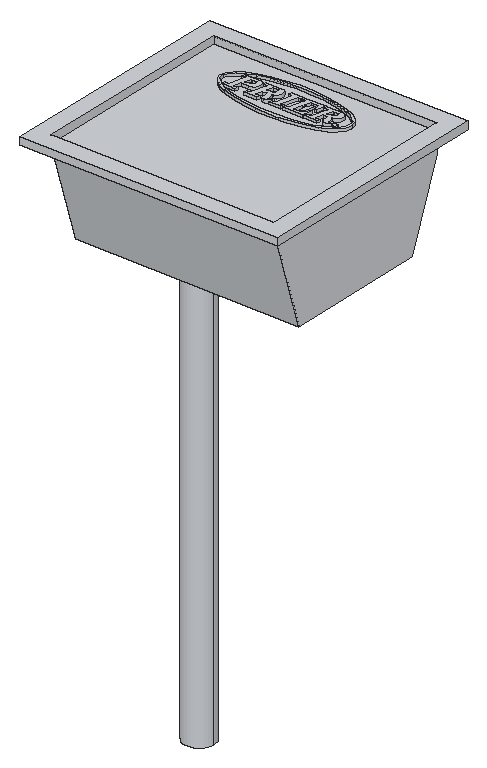
Revit family "Prier P-650N1", category Plumbing Fixtures, Revit 2012
Parameters (values of type "3/4" Inlet")
  Waste Connection = no
  Vent Connection = no
  URL = "http://www.prier.com/content/spec-sheets.html"
  Type Comments = if(Satin Nickel Plated, "Satin Nickel Plated", if(Rough Brass, "Rough Brass", "Custom"))  # "Satin Nickel Plated"
  Satin Nickel Plated = yes
  Rough Brass = no
  Model = "P-650BX"
  Manufacturer = "Prier"
  Inlet Size = 3/4"
  Inlet Radius = Inlet Size / 2  # 0' - 0 3/8"
  Hydrant Length = 1' - 0"
  HW Connection = no
  Custom = no
  Code Standards = "ASSE 1019, ASSE 1052, & CUPC"
  Code Listings = "ASSE. CUPC, & IAPMO"
  CW Connection = no
Types (2): name | Inlet Size | Inlet Radius | CW Connection
  1" Inlet | 1" | 0' - 0 1/2" | yes
  3/4" Inlet | 3/4" | 0' - 0 3/8" | no
Reference planes (in)
  plane 1 "Center (Front/Back)": y = 0
  plane 2: z = 0
  plane 3 "Center (Left/Right)": x = 0
  plane 4: z = -12
Forms (in)
  Extrusion 1, solid, detail levels medium+fine
    sketch origin (0, 0, 0) x (1, 0, 0) y (0, 1, 0)
      loop
        line (-3.25, 3) -> (-3.25, -3) -> (3.25, -3) -> (3.25, 3) -> (-3.25, 3)
      loop
        line (-2.8125, 2.5625) -> (-2.8125, -2.5625) -> (2.8125, -2.5625) -> (2.8125, 2.5625) -> (-2.8125, 2.5625)
    from 0 to 0.187
  Extrusion 2, solid
    sketch origin (0, 0, -2.25) x (-1, 0, 0) y (0, -1, 0)
      loop
        circle (1.125, 0) r 0.375
    from -0.25 to -11.75
  Extrusion 3, solid, detail levels fine
    sketch origin (-35.54139, -180, 0.187) x (-1, 0, 0) y (0, -1, 0)
      loop
        spline (-33.87481, -181.33852) -> (-33.9316, -181.17215) -> (-34.09809, -181.01711) -> (-34.36294, -180.88398) -> (-34.7081, -180.78182) -> (-35.11005, -180.7176) -> (-35.54139, -180.6957) -> (-35.97274, -180.7176) -> (-36.37469, -180.78182) -> (-36.71985, -180.88398) -> (-36.9847, -181.01711) -> (-37.15119, -181.17215) -> (-37.20798, -181.33852)
        spline (-37.20798, -181.33852) -> (-37.15119, -181.5049) -> (-36.9847, -181.65994) -> (-36.71985, -181.79307) -> (-36.37469, -181.89523) -> (-35.97274, -181.95945) -> (-35.54139, -181.98135) -> (-35.11005, -181.95945) -> (-34.7081, -181.89523) -> (-34.36294, -181.79307) -> (-34.09809, -181.65994) -> (-33.9316, -181.5049) -> (-33.87481, -181.33852)
      loop
        spline (-33.93155, -181.33852) -> (-33.98641, -181.18875) -> (-34.14723, -181.04919) -> (-34.40307, -180.92934) -> (-34.73647, -180.83738) -> (-35.12474, -180.77957) -> (-35.54139, -180.75986) -> (-35.95805, -180.77957) -> (-36.34631, -180.83738) -> (-36.67972, -180.92934) -> (-36.93555, -181.04919) -> (-37.09638, -181.18875) -> (-37.15123, -181.33852)
        spline (-37.15123, -181.33852) -> (-37.09638, -181.48829) -> (-36.93555, -181.62786) -> (-36.67972, -181.7477) -> (-36.34631, -181.83967) -> (-35.95805, -181.89748) -> (-35.54139, -181.91719) -> (-35.12474, -181.89748) -> (-34.73647, -181.83967) -> (-34.40307, -181.7477) -> (-34.14723, -181.62786) -> (-33.98641, -181.48829) -> (-33.93155, -181.33852)
      loop
        circle (-36.91697, -181.1465) r 0.05628
      loop
        line (-36.18825, -181.08476) -> (-36.52242, -181.08476) -> (-36.54066, -181.1579) -> (-36.43946, -181.1579) -> (-36.4792, -181.31727) -> (-36.5866, -181.31727)
        spline (-36.5866, -181.31727) -> (-36.61186, -181.29955) -> (-36.61561, -181.26809) -> (-36.61179, -181.22622) -> (-36.60969, -181.18327) -> (-36.61654, -181.14782) -> (-36.63272, -181.12153) -> (-36.65656, -181.10402) -> (-36.6862, -181.09521) -> (-36.71924, -181.0959) -> (-36.75382, -181.10805) -> (-36.79471, -181.14377) -> (-36.85068, -181.22115)
        line (-36.85068, -181.22115) -> (-36.8071, -181.22115)
        spline (-36.8071, -181.22115) -> (-36.80038, -181.21104) -> (-36.79353, -181.20124) -> (-36.78668, -181.19202) -> (-36.77999, -181.18361) -> (-36.77357, -181.17626) -> (-36.76757, -181.17022) -> (-36.76212, -181.16574) -> (-36.75736, -181.16306) -> (-36.75342, -181.16243) -> (-36.75044, -181.1641) -> (-36.74856, -181.16832) -> (-36.7479, -181.17533)
        spline (-36.7479, -181.17533) -> (-36.7487, -181.19284) -> (-36.7486, -181.20964) -> (-36.74761, -181.22574) -> (-36.74573, -181.24112) -> (-36.74294, -181.25578) -> (-36.73926, -181.26974) -> (-36.73469, -181.28298) -> (-36.72922, -181.29552) -> (-36.72285, -181.30734) -> (-36.71559, -181.31844) -> (-36.70743, -181.32884) -> (-36.69837, -181.33852)
        arc (-36.69837, -181.33852) -> (-36.85806, -181.46622) -> (-36.73975, -181.63298) r 0.14892
        line (-36.73975, -181.63298) -> (-36.32494, -181.63298) -> (-36.3067, -181.55984) -> (-36.40157, -181.55984) -> (-36.30135, -181.1579) -> (-36.20649, -181.1579) -> (-36.18825, -181.08476)
      loop
        line (-35.65096, -181.08476) -> (-36.15739, -181.08476) -> (-36.21536, -181.31727) -> (-36.17154, -181.31727)
        spline (-36.17154, -181.31727) -> (-36.16985, -181.29822) -> (-36.16651, -181.28022) -> (-36.16152, -181.26327) -> (-36.15488, -181.24736) -> (-36.1466, -181.23251) -> (-36.13667, -181.2187) -> (-36.12509, -181.20595) -> (-36.11187, -181.19424) -> (-36.09699, -181.18358) -> (-36.08047, -181.17397) -> (-36.0623, -181.16541) -> (-36.04248, -181.1579)
        line (-36.04248, -181.1579) -> (-35.88542, -181.1579) -> (-35.93263, -181.34726) -> (-36.00217, -181.34726)
        arc (-36.00217, -181.34726) -> (-36.01981, -181.29074) -> (-36.00217, -181.23421) r 0.09936
        line (-36.00217, -181.23421) -> (-36.06271, -181.23421) -> (-36.12731, -181.49334) -> (-36.08105, -181.49334)
        arc (-36.08105, -181.49334) -> (-36.06181, -181.44383) -> (-36.02187, -181.40882) r 0.11161
        line (-36.02187, -181.40882) -> (-35.94798, -181.40882) -> (-35.98563, -181.55984) -> (-36.15961, -181.55984)
        arc (-36.15961, -181.55984) -> (-36.20391, -181.49776) -> (-36.19814, -181.4217) r 0.11192
        line (-36.19814, -181.4217) -> (-36.2414, -181.4217) -> (-36.29408, -181.63298) -> (-35.78765, -181.63298) -> (-35.76941, -181.55984) -> (-35.84113, -181.55984) -> (-35.74091, -181.1579) -> (-35.6692, -181.1579) -> (-35.65096, -181.08476)
      loop
        line (-35.43698, -181.63298) -> (-35.41874, -181.55984) -> (-35.51052, -181.55984) -> (-35.41031, -181.1579) -> (-35.31853, -181.1579) -> (-35.30029, -181.08476) -> (-35.60872, -181.08476) -> (-35.62696, -181.1579) -> (-35.54498, -181.1579) -> (-35.6452, -181.55984) -> (-35.72717, -181.55984) -> (-35.74541, -181.63298) -> (-35.43698, -181.63298)
      loop
        line (-36.69516, -181.55984) -> (-36.53968, -181.55984) -> (-36.5042, -181.41756) -> (-36.65165, -181.41756)
        arc (-36.65165, -181.41756) -> (-36.71439, -181.47617) -> (-36.69516, -181.55984) r 0.08599
      loop
        line (-34.66338, -181.08476) -> (-34.99755, -181.08476) -> (-35.01579, -181.1579) -> (-34.91459, -181.1579) -> (-34.95433, -181.31727) -> (-35.06173, -181.31727)
        spline (-35.06173, -181.31727) -> (-35.08699, -181.29955) -> (-35.09074, -181.26809) -> (-35.08692, -181.22622) -> (-35.08482, -181.18327) -> (-35.09167, -181.14782) -> (-35.10785, -181.12153) -> (-35.13169, -181.10402) -> (-35.16133, -181.09521) -> (-35.19437, -181.0959) -> (-35.22895, -181.10805) -> (-35.26984, -181.14377) -> (-35.32581, -181.22115)
        line (-35.32581, -181.22115) -> (-35.28223, -181.22115)
        spline (-35.28223, -181.22115) -> (-35.27551, -181.21104) -> (-35.26866, -181.20124) -> (-35.26181, -181.19202) -> (-35.25512, -181.18361) -> (-35.2487, -181.17626) -> (-35.2427, -181.17022) -> (-35.23725, -181.16574) -> (-35.23249, -181.16306) -> (-35.22855, -181.16243) -> (-35.22557, -181.1641) -> (-35.22369, -181.16832) -> (-35.22303, -181.17533)
        spline (-35.22303, -181.17533) -> (-35.22383, -181.19284) -> (-35.22373, -181.20964) -> (-35.22274, -181.22574) -> (-35.22086, -181.24112) -> (-35.21807, -181.25578) -> (-35.21439, -181.26974) -> (-35.20982, -181.28298) -> (-35.20435, -181.29552) -> (-35.19798, -181.30734) -> (-35.19072, -181.31844) -> (-35.18256, -181.32884) -> (-35.1735, -181.33852)
        arc (-35.1735, -181.33852) -> (-35.33319, -181.46622) -> (-35.21488, -181.63298) r 0.14892
        line (-35.21488, -181.63298) -> (-34.80007, -181.63298) -> (-34.78183, -181.55984) -> (-34.8767, -181.55984) -> (-34.77648, -181.1579) -> (-34.68161, -181.1579) -> (-34.66338, -181.08476)
      loop
        line (-35.17029, -181.55984) -> (-35.01481, -181.55984) -> (-34.97933, -181.41756) -> (-35.12678, -181.41756)
        arc (-35.12678, -181.41756) -> (-35.18952, -181.47617) -> (-35.17029, -181.55984) r 0.08599
      loop
        line (-34.1212, -181.08476) -> (-34.45537, -181.08476) -> (-34.47361, -181.1579) -> (-34.37241, -181.1579) -> (-34.41215, -181.31727) -> (-34.59399, -181.31727)
        arc (-34.59399, -181.31727) -> (-34.78086, -181.43835) -> (-34.6727, -181.63298) r 0.16306
        line (-34.6727, -181.63298) -> (-34.25788, -181.63298) -> (-34.23965, -181.55984) -> (-34.33452, -181.55984) -> (-34.2343, -181.1579) -> (-34.13943, -181.1579) -> (-34.1212, -181.08476)
      loop
        line (-34.6281, -181.55984) -> (-34.47263, -181.55984) -> (-34.43715, -181.41756) -> (-34.5846, -181.41756)
        arc (-34.5846, -181.41756) -> (-34.64734, -181.47617) -> (-34.6281, -181.55984) r 0.08599
    from 0 to 0.0625
  Extrusion 4, solid
    sketch origin (0, 0, 0) x (0, 1, 0) y (0, 0, 1)
      loop
        line (2.5625, 0) -> (-2.5625, 0) -> (-1.79332, -2.5) -> (1.79332, -2.5) -> (2.5625, -0.5) -> (2.5625, 0)
    from -2.8125 to 2.8125
Dimensions and locks (in)
  "Hydrant Length": plane 2 to plane 4
  locked: plane 4 to Extrusion 2 at 2
  "Inlet Radius": radius of Extrusion 2 sketch curve
  aligned and locked: level to plane 2
  aligned and locked: Extrusion 4 to Extrusion 1  (x2)
Automatic sketch dimensions
  Extrusion 1 sketch curve to plane 3 "Center (Left/Right)" = 0' - 3 1/4"
  Extrusion 1 sketch curve to Extrusion 1 sketch curve = 0' - 0 7/16"  (x4)
  plane 3 "Center (Left/Right)" to Extrusion 1 sketch curve = 0' - 2 13/16"
  plane 1 "Center (Front/Back)" to Extrusion 1 sketch curve = 0' - 3"
  Extrusion 1 sketch curve to plane 1 "Center (Front/Back)" = 0' - 2 9/16"
  plane 1 "Center (Front/Back)" to Extrusion 2 sketch curve = 0' - 0"
  Extrusion 2 sketch curve to plane 3 "Center (Left/Right)" = 0' - 1 1/8"
  Extrusion 3 sketch curve to plane 3 "Center (Left/Right)" = 0' - 0"  (x2)
  plane 3 "Center (Left/Right)" to Extrusion 3 sketch curve = 0' - 0.00359"
  plane 3 "Center (Left/Right)" to Extrusion 3 sketch curve = 0' - 0.06733"
  Extrusion 3 sketch curve to Extrusion 3 sketch curve = 0' - 0.01824"  (x12)
  plane 3 "Center (Left/Right)" to Extrusion 3 sketch curve = 0' - 0.1038"
  Extrusion 3 sketch curve to Extrusion 3 sketch curve = 0' - 0.04224"  (x4)
  Extrusion 3 sketch curve to Extrusion 3 sketch curve = 0' - 0.08198"
  Extrusion 3 sketch curve to Extrusion 3 sketch curve = 0' - 0.07172"  (x2)
  Extrusion 3 sketch curve to Extrusion 3 sketch curve = 0' - 0.14451"
  Extrusion 3 sketch curve to Extrusion 3 sketch curve = 0' - 0.03503"
  Extrusion 3 sketch curve to Extrusion 3 sketch curve = 0' - 0.01218"
  Extrusion 3 sketch curve to Extrusion 3 sketch curve = 0' - 0.01535"
  Extrusion 3 sketch curve to Extrusion 3 sketch curve = 0' - 0.02241"
  Extrusion 3 sketch curve to Extrusion 3 sketch curve = 0' - 0.01525"
  Extrusion 3 sketch curve to Extrusion 3 sketch curve = 0' - 0.06954"
  Extrusion 3 sketch curve to Extrusion 3 sketch curve = 0' - 0.08172"
  Extrusion 3 sketch curve to Extrusion 3 sketch curve = 0' - 0.01971"
  Extrusion 3 sketch curve to Extrusion 3 sketch curve = 0' - 0.04032"
  Extrusion 3 sketch curve to Extrusion 3 sketch curve = 0' - 0.06054"
  Extrusion 3 sketch curve to Extrusion 3 sketch curve = 0' - 0.05918"
  Extrusion 3 sketch curve to Extrusion 3 sketch curve = 0' - 0.01505"
  Extrusion 3 sketch curve to Extrusion 3 sketch curve = 0' - 0.03121"
  Extrusion 3 sketch curve to Extrusion 3 sketch curve = 0' - 0.1149"
  Extrusion 3 sketch curve to Extrusion 3 sketch curve = 0' - 0.03229"
  Extrusion 3 sketch curve to Extrusion 3 sketch curve = 0' - 0.10883"
  Extrusion 3 sketch curve to Extrusion 3 sketch curve = 0' - 0.03086"  (x2)
  Extrusion 3 sketch curve to Extrusion 3 sketch curve = 0' - 0.07083"
  Extrusion 3 sketch curve to Extrusion 3 sketch curve = 0' - 0.04382"
  Extrusion 3 sketch curve to Extrusion 3 sketch curve = 0' - 0.04326"
  Extrusion 3 sketch curve to Extrusion 3 sketch curve = 0' - 0.13447"
  Extrusion 3 sketch curve to Extrusion 3 sketch curve = 0' - 0.09487"  (x4)
  Extrusion 3 sketch curve to Extrusion 3 sketch curve = 0' - 0.01263"
  Extrusion 3 sketch curve to Extrusion 3 sketch curve = 0' - 0.13811"  (x6)
  Extrusion 3 sketch curve to Extrusion 3 sketch curve = 0' - 0.03974"
  Extrusion 3 sketch curve to Extrusion 3 sketch curve = 0' - 0.02501"  (x3)
  Extrusion 3 sketch curve to Extrusion 3 sketch curve = 0' - 0.08296"
  Extrusion 3 sketch curve to Extrusion 3 sketch curve = 0' - 0.1074"
  Extrusion 3 sketch curve to Extrusion 3 sketch curve = 0' - 0.09247"  (x3)
  Extrusion 3 sketch curve to Extrusion 3 sketch curve = 0' - 0.0195"
  Extrusion 3 sketch curve to Extrusion 3 sketch curve = 0' - 0.063"
  Extrusion 3 sketch curve to Extrusion 3 sketch curve = 0' - 0.04672"
  Extrusion 3 sketch curve to Extrusion 3 sketch curve = 0' - 0.01543"  (x2)
  Extrusion 3 sketch curve to Extrusion 3 sketch curve = 0' - 0.0446"  (x2)
  Extrusion 3 sketch curve to Extrusion 3 sketch curve = 0' - 0.04953"
  Extrusion 3 sketch curve to Extrusion 3 sketch curve = 0' - 0.05921"  (x2)
  Extrusion 3 sketch curve to Extrusion 3 sketch curve = 0' - 0.04357"  (x2)
  Extrusion 3 sketch curve to Extrusion 3 sketch curve = 0' - 0.0663"
  Extrusion 3 sketch curve to plane 3 "Center (Left/Right)" = 0' - 0.03087"
  Extrusion 3 sketch curve to Extrusion 3 sketch curve = 0' - 0.07354"
  Extrusion 3 sketch curve to plane 3 "Center (Left/Right)" = 0' - 0.13109"
  Extrusion 3 sketch curve to Extrusion 3 sketch curve = 0' - 0.0845"
  Extrusion 3 sketch curve to Extrusion 3 sketch curve = 0' - 0.00728"
  Extrusion 3 sketch curve to Extrusion 3 sketch curve = 0' - 0.20386"
  Extrusion 3 sketch curve to Extrusion 3 sketch curve = 0' - 0.02917"
  Extrusion 3 sketch curve to Extrusion 3 sketch curve = 0' - 0.01222"
  Extrusion 3 sketch curve to Extrusion 3 sketch curve = 0' - 0.05893"
  Extrusion 3 sketch curve to Extrusion 3 sketch curve = 0' - 0.07843"
  Extrusion 3 sketch curve to Extrusion 3 sketch curve = 0' - 0.11177"
  Extrusion 3 sketch curve to Extrusion 3 sketch curve = 0' - 0.04594"
  Extrusion 3 sketch curve to Extrusion 3 sketch curve = 0' - 0.08239"
  Extrusion 3 sketch curve to Extrusion 3 sketch curve = 0' - 0.10119"  (x2)
  Extrusion 3 sketch curve to Extrusion 3 sketch curve = 0' - 0.07663"  (x2)
  Extrusion 3 sketch curve to Extrusion 3 sketch curve = 0' - 0.12736"
  Extrusion 3 sketch curve to Extrusion 3 sketch curve = 0' - 0.00546"
  Extrusion 3 sketch curve to Extrusion 3 sketch curve = 0' - 0.02865"
  Extrusion 3 sketch curve to Extrusion 3 sketch curve = 0' - 0.03804"
  Extrusion 3 sketch curve to Extrusion 3 sketch curve = 0' - 0.05754"
  Extrusion 3 sketch curve to Extrusion 3 sketch curve = 0' - 0.12038"
  Extrusion 3 sketch curve to Extrusion 3 sketch curve = 0' - 0.03548"
  Extrusion 3 sketch curve to Extrusion 3 sketch curve = 0' - 0.20788"
  Extrusion 3 sketch curve to Extrusion 3 sketch curve = 0' - 0.05675"
  Extrusion 3 sketch curve to plane 1 "Center (Front/Back)" = 0' - 1.63298"
  Extrusion 3 sketch curve to Extrusion 3 sketch curve = 0' - 0"  (x7)
  Extrusion 3 sketch curve to Extrusion 3 sketch curve = 0' - 0.07314"  (x15)
  Extrusion 3 sketch curve to Extrusion 3 sketch curve = 0' - 0.05199"
  Extrusion 3 sketch curve to Extrusion 3 sketch curve = 0' - 0.05853"  (x3)
  Extrusion 3 sketch curve to Extrusion 3 sketch curve = 0' - 0.0665"
  Extrusion 3 sketch curve to Extrusion 3 sketch curve = 0' - 0.0729"  (x2)
  Extrusion 3 sketch curve to Extrusion 3 sketch curve = 0' - 0.02352"
  Extrusion 3 sketch curve to Extrusion 3 sketch curve = 0' - 0.02565"
  Extrusion 3 sketch curve to Extrusion 3 sketch curve = 0' - 0.06156"
  Extrusion 3 sketch curve to Extrusion 3 sketch curve = 0' - 0.22132"
  Extrusion 3 sketch curve to Extrusion 3 sketch curve = 0' - 0.10029"
  Extrusion 3 sketch curve to Extrusion 3 sketch curve = 0' - 0.02125"
  Extrusion 3 sketch curve to Extrusion 3 sketch curve = 0' - 0.10444"
  Extrusion 3 sketch curve to Extrusion 3 sketch curve = 0' - 0.05653"
  Extrusion 3 sketch curve to Extrusion 3 sketch curve = 0' - 0.11737"  (x2)
  Extrusion 3 sketch curve to Extrusion 3 sketch curve = 0' - 0.04583"  (x2)
  Extrusion 3 sketch curve to Extrusion 3 sketch curve = 0' - 0.06325"
  Extrusion 3 sketch curve to Extrusion 3 sketch curve = 0' - 0.15937"  (x5)
  Extrusion 3 sketch curve to Extrusion 3 sketch curve = 0' - 0.18062"
  Extrusion 3 sketch curve to Extrusion 3 sketch curve = 0' - 0.13284"
  Extrusion 3 sketch curve to Extrusion 3 sketch curve = 0' - 0.07465"
  Extrusion 4 sketch curve to level = 0' - 0"
  plane 1 "Center (Front/Back)" to Extrusion 4 sketch curve = 0' - 2 9/16"
  plane 1 "Center (Front/Back)" to Extrusion 4 sketch curve = 0' - 1.79332"
  Extrusion 4 sketch curve to plane 1 "Center (Front/Back)" = 0' - 1.79332"
  Extrusion 4 sketch curve to level = 0' - 0 1/2"
  Extrusion 4 sketch curve to Extrusion 4 sketch curve = 0' - 0.76918"
  Extrusion 4 sketch curve to level = 0' - 2 1/2"
  radius of Extrusion 3 sketch curve = 0' - 0.05628"
Connectors (in)
  piping at (-1.125, 0, -14), driven by "Inlet Radius"
    settings: on Extrusion 2, index 2, connector radius 3/8", flow factor 0, pipe flow 0 GPM, pressure drop 0.00 psi, fitting loss kfactor 0, connector angle 0.00°, fixture units 0, engagement length 0' - 0", flow configuration 0, flow direction 1, fitting loss method 0, system type 20, joint type 0, gender type 0, connector reference index -1, connector utility 0, adjustable connector no, is connector primary yes, fitting loss table "", connector description ""
